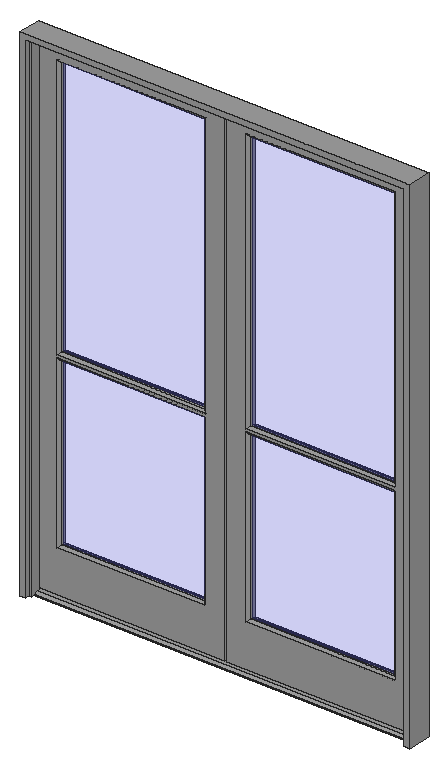
Revit family "MS-375 DOOR-Double-0.25-CW_v04", category Curtain Panels, Revit 2015
Parameters
  Width [instance] = 6' - 2"
  URL = "obe.com"
  Rough Width [instance] = 6' - 0"
  Panel Width [instance] = Min Panel Width  # 6' - 0"
  Panel Offset [instance] = 0' - 0"
  Offset [instance] = 0' - 0"
  Model = "MS-375 DOOR"
  Min Rough Width [instance] = if(Rough Width > 6' 1 255/256", Rough Width, 6' 2")  # 6' - 2"
  Min Panel Width [instance] = if(Rough Width > 6' 1 255/256", Rough Width - 0' 2", 6' 0")  # 6' - 0"
  Manufacturer = "Oldcastle BuildingEnvelope®"
  Keynote = "08 11 00"
  Hinge [instance] = yes
  Height [instance] = 8' - 0"
  Pushbar Height [instance] = 3' - 5 1/4"  # constant formula
  Glass Material = Glass
  Frame Material = Aluminum
  Door Panel Height [instance] = Height - 0' 0 5/8"  # 7' - 11 3/8"
  Description = "MS-375 - 1/4\" Door Infill"
  Assembly Code = "B2030"
  Analytic Construction = "<None>"
  8 Muntin [instance] = no
  6.5 Muntin [instance] = no
  10 Bottom Rail [instance] = not([8 Bottom Rail])  # no
  4 Muntin [instance] = no
  8 Bottom Rail [instance] = yes
  1.875 Muntin [instance] = no
  0.5 Muntin [instance] = if(or([1.875 Muntin], [4 Muntin], [6.5 Muntin], [8 Muntin]), 1 = 2, 1 = 1)  # yes
Reference planes (in)
  plane 1 "Front": y = 0
  plane 2: z = 0
  plane 3 "Center (Left/Right)": x = 0
  plane 4 "Left": x = -37
  plane 5 "Right": x = 37
  plane 6 "Top": z = 96
  plane 7 "Offset": y = 0
  plane 8: y = -1.28244
  plane 9: y = -1.28244
  plane 10: x = -37
  plane 11: x = 37
Forms (in)
  Sweep 1, solid, material "Aluminum" <- "Frame Material"
    path origin (0, 0, 0) x (-1, 0, 0) y (0, 0, 1)
      loop
        line (37, 0) -> (37, 96)
    profile origin (-37, 0, 48) x (1, 0, 0) y (0, 1, 0)
      loop
        line (1, -1.97) -> (1, 0) -> (0, 0) -> (0, -4.5) -> (1, -4.5) -> (1, -3.595) -> (1.5, -3.595) -> (1.5, -1.97) -> (1, -1.97)
  Sweep 2, solid, material "Aluminum" <- "Frame Material"
    path origin (0, 0, 0) x (-1, 0, 0) y (0, 0, 1)
      loop
        line (-37, 0) -> (-37, 96)
    profile origin (37, 0, 48) x (1, 0, 0) y (0, 1, 0)
      loop
        line (-1, -1.97) -> (-1.5, -1.97) -> (-1.5, -3.595) -> (-1, -3.595) -> (-1, -4.5) -> (0, -4.5) -> (0, 0) -> (-1, 0) -> (-1, -1.97)
  Extrusion 3, solid, material "Aluminum" <- "Frame Material"
    sketch origin (-37, 0, 0) x (0, -1, 0) y (0, 0, 1)
      loop
        line (1.97, 94.5) -> (3.595, 94.5) -> (3.595, 95) -> (4.5, 95) -> (4.5, 96) -> (0, 96) -> (0, 95) -> (1.97, 95) -> (1.97, 94.5)
    from -74 to 0
Cuts and joins
  joined: Sweep 1, Sweep 2, Extrusion 3
Text (in)
  text "Exterior" at (-54.29358, 31.38743, 0), in view "Ref. Level"
  text "Exterior" at (480, 41.53993, 89.60405), in view "Right"
  text "Exterior" at (-240, 57.82419, 105.78864), in view "Left"
Dimensions and locks (in)
  equal spacing: plane 4 "Left", plane 3 "Center (Left/Right)", plane 5 "Right"
  "Width": plane 4 "Left" to plane 5 "Right"
  "Height": plane 6 "Top" to plane 2
  "Offset": plane 1 "Front" to plane 7 "Offset"
  locked: plane 7 "Offset" to plane 8 at 1.28244
  locked: plane 7 "Offset" to plane 9 at 1.28244
  Extrusion 3 sketch curve to Extrusion 3 sketch curve to Extrusion 3 sketch curve = 0' - 0 1/2" locked, 0' - 0" locked
  nested 1 to Extrusion 3 sketch curve to Extrusion 3 sketch curve to Extrusion 3 sketch curve to Extrusion 3 sketch curve = 0' - 0" locked, 0' - 1.97" locked, 0' - 1 5/8" locked, 0' - 0.905" locked
  locked: Extrusion 3 sketch curve to Extrusion 3 sketch curve at 1
  equal spacing: plane 10, plane 3 "Center (Left/Right)", plane 11
  "Min Rough Width": plane 10 to plane 11
  aligned and locked: level to plane 2
  aligned and locked: plane 3 "Center (Left/Right)" to nested 1
  aligned and locked: nested 1 to plane 7 "Offset"
  aligned and locked: plane 6 "Top" to Sweep 1 sketch curve
  aligned and locked: level to Sweep 1 sketch curve
  aligned and locked: plane 6 "Top" to Sweep 2 sketch curve
  aligned and locked: level to Sweep 2 sketch curve
  aligned and locked: Extrusion 3 to plane 6 "Top"
  aligned and locked: Extrusion 3 sketch curve to plane 6 "Top"
  aligned and locked: Sweep 1 sketch curve to plane 10
  aligned and locked: plane 11 to Sweep 2 sketch curve
  aligned and locked: cut or joined group of Sweep 1, Sweep 2, Extrusion 3 to plane 11
  aligned and locked: cut or joined group of Sweep 1, Sweep 2, Extrusion 3 to plane 10
Automatic sketch dimensions
  Sweep 1 sketch curve to profile plane = 0' - 0"
  Sweep 1 sketch curve to plane 7 "Offset" = 0' - 0"
  Sweep 1 sketch curve to profile plane = 0' - 1"  (x2)
  Sweep 1 sketch curve to Sweep 1 sketch curve = 0' - 0 1/2"
  Sweep 1 sketch curve to plane 7 "Offset" = 0' - 1.97"
  Sweep 1 sketch curve to Sweep 1 sketch curve = 0' - 1 5/8"
  Sweep 1 sketch curve to Sweep 1 sketch curve = 0' - 0.905"
  Sweep 2 sketch curve to plane 7 "Offset" = 0' - 0"
  Sweep 2 sketch curve to profile plane = 0' - 0"
  profile plane to Sweep 2 sketch curve = 0' - 1"  (x2)
  Sweep 2 sketch curve to Sweep 2 sketch curve = 0' - 0 1/2"
  Sweep 2 sketch curve to plane 7 "Offset" = 0' - 1.97"
  Sweep 2 sketch curve to Sweep 2 sketch curve = 0' - 1 5/8"
  Sweep 2 sketch curve to Sweep 2 sketch curve = 0' - 0.905"
Nested families (in)
  nested 1: "MS-375 DOOR-Double-0.25-Panel_v03" at (0, -16, 0), Frame Material <- "Frame Material", Glass Material <- "Glass Material", 0.5 Muntin <- "0.5 Muntin", 1.875 Muntin <- "1.875 Muntin", 4 Muntin <- "4 Muntin", 6.5 Muntin <- "6.5 Muntin", 8 Muntin <- "8 Muntin", Hinge <- "Hinge", Height <- "Door Panel Height", Width <- "Min Panel Width", 8 Bottom Rail <- "8 Bottom Rail", Offset <- "Panel Offset", type "MS-375 DOOR-Double-0.25-Panel_v03"
    with Wing Width 3' - 0", built-in parameter 1001301 6' - 0", Pushbar Height 3' - 5 1/4", Offset 0' - 0", Hinge yes, built-in parameter 1001300 7' - 11 3/8", Glass at Muntin 0' - 1 1/16", Glass Material Glass, Frame Material Aluminum, Bottom Rail 0' - 8 31/32", 8 Muntin no, 8 Bottom Rail yes, 6.5 Muntin no, 4 Muntin no, 1.875 Muntin no, 0.5 Muntin yes
Definition of nested family "MS-375 DOOR-Double-0.25-Panel_v03"
  Parameters (values of type "MS-375 DOOR-Double-0.25-Panel_v03")
    Wing Width [instance] = Width / 2  # 3' - 0"
    Width [instance] = 6' - 0"
    Offset [instance] = 0' - 10.9713"
    Hinge [instance] = yes
    Height [instance] = 8' - 0"
    Glass at Muntin [instance] = if([8 Muntin], 0' 8 9/16", if([6.5 Muntin], 0' 7 1/16", if([4 Muntin], 0' 4 9/16", if([1.875 Muntin], 0' 2 109/256", 0' 1 1/16"))))  # 0' - 4 9/16"
    Pushbar Height [instance] = 3' - 5 1/4"  # constant formula
    Glass Material [instance] = none
    Frame Material [instance] = none
    Bottom Rail [instance] = if([8 Bottom Rail], 0' 8 31/32", 0' 10 31/32")  # 0' - 8 31/32"
    Analytic Construction = "<None>"
    8 Muntin [instance] = no
    6.5 Muntin [instance] = no
    4 Muntin [instance] = yes
    8 Bottom Rail [instance] = yes
    1.875 Muntin [instance] = no
    0.5 Muntin [instance] = if(or([1.875 Muntin], [4 Muntin], [6.5 Muntin], [8 Muntin]), 1 = 2, 1 = 1)  # no
  Reference planes (in)
    plane 1 "00": y = 4.0912
    plane 2: z = 0
    plane 3 "Center (Left/Right)": x = 0
    plane 4: z = 96
    plane 5: x = 36
    plane 6: x = -36
    plane 7 "Center (Front/Back)": y = 16
    plane 8 "Exterior": y = 4.2162
    plane 9: z = 48
    plane 10: z = 92.18737
    plane 11: z = 43.53125
    plane 12: z = 38.96875
    plane 13: z = 8.96875
    plane 14 "Offset": y = 5.0287
    plane 15: z = 41.25
  Forms (in)
    Sweep 1, solid, material <- "Frame Material"
      path origin (0, 4.0912, 0) x (1, 0, 0) y (0, 0, 1)
        loop
          line (-35.79321, 96) -> (-0.22004, 96)
      profile origin (-18.00662, 4.0912, 96) x (0, 0, 1) y (0, -1, 0)
        loop
          line (-0.53138, -0.875) -> (-0.53138, 0.875) -> (-3.52731, 0.875) -> (-4.03138, 0.45204) -> (-4.03138, 0.125) -> (-3.81263, 0.125) -> (-3.81263, -0.125) -> (-4.03138, -0.125) -> (-4.03138, -0.45204) -> (-3.52731, -0.875) -> (-0.53138, -0.875)
    Sweep 2, solid, material <- "Frame Material"
      path origin (0, 4.0912, 0) x (1, 0, 0) y (0, 0, 1)
        loop
          line (-0.22004, 0) -> (-35.79321, 0)
      profile origin (-18.00662, 4.0912, 0) x (0, 0, -1) y (0, -1, 0)
        loop
          line (-8.68343, -0.875) -> (-0.6875, -0.875) -> (-0.6875, 0.875) -> (-8.68343, 0.875) -> (-9.1875, 0.45204) -> (-9.1875, 0.125) -> (-8.96875, 0.125) -> (-8.96875, -0.125) -> (-9.1875, -0.125) -> (-9.1875, -0.45204) -> (-8.68343, -0.875)
    Sweep 3, solid, material <- "Frame Material"
      path origin (0, 4.0912, 0) x (1, 0, 0) y (0, 0, 1)
        loop
          line (36, 95.46862) -> (36, 0.6875)
      profile origin (36, 4.0912, 48.07806) x (0, -1, 0) y (1, 0, 0)
        loop
          line (0.875, -0.19721) -> (-0.875, -0.08821) -> (-0.875, -3.83301) -> (-0.45204, -4.33708) -> (-0.125, -4.33708) -> (-0.125, -4.11833) -> (0.125, -4.11833) -> (0.125, -4.33708) -> (0.45204, -4.33708) -> (0.875, -3.83301) -> (0.875, -0.19721)
    Sweep 4, solid, material <- "Frame Material"
      path origin (0, 4.0912, 0) x (1, 0, 0) y (0, 0, 1)
        loop
          line (-36, 95.46862) -> (-36, 0.6875)
      profile origin (-36, 4.0912, 48.07806) x (0, -1, 0) y (1, 0, 0)
        loop
          line (-0.875, 0.09779) -> (0.875, 0.20679) -> (0.875, 3.84259) -> (0.45204, 4.34666) -> (0.125, 4.34666) -> (0.125, 4.12791) -> (-0.125, 4.12791) -> (-0.125, 4.34666) -> (-0.45204, 4.34666) -> (-0.875, 3.84259) -> (-0.875, 0.09779)
    Sweep 5, solid, material <- "Frame Material"
      path origin (0, 4.0912, 0) x (1, 0, 0) y (0, 0, 1)
        loop
          line (-3.80843, 48) -> (-35.79321, 48)
      profile origin (-19.80082, 4.0912, 48) x (0, 0, -1) y (0, -1, 0)
        loop
          line (4.25, 0.45204) -> (4.25, 0.125) -> (4.46875, 0.125) -> (4.46875, -0.125) -> (4.25, -0.125) -> (4.25, -0.45204) -> (4.75407, -0.875) -> (8.74593, -0.875) -> (9.25, -0.45204) -> (9.25, -0.125) -> (9.03125, -0.125) -> (9.03125, 0.125) -> (9.25, 0.125) -> (9.25, 0.45204) -> (8.74593, 0.875) -> (4.75407, 0.875) -> (4.25, 0.45204)
    Sweep 6, solid, material <- "Frame Material"
      path origin (0, 4.0912, 0) x (1, 0, 0) y (0, 0, 1)
        loop
          line (0, 95.46862) -> (0, 0.6875)
      profile origin (0, 4.0912, 48.07806) x (0, -1, 0) y (1, 0, 0)
        loop
          line (-0.875, -0.22004) -> (-0.875, -3.80843) -> (-0.45204, -4.3125) -> (-0.125, -4.3125) -> (-0.125, -4.09375) -> (0.125, -4.09375) -> (0.125, -4.3125) -> (0.45204, -4.3125) -> (0.875, -3.80843) -> (0.875, -0.22004)
          arc (0.875, -0.22004) -> (0, -0.0625) -> (-0.875, -0.22004) r 2.50872
        loop
          arc (-0.875, 0.22004) -> (0, 0.0625) -> (0.875, 0.22004) r 2.50872
          line (0.875, 0.22004) -> (0.875, 3.80843) -> (0.45204, 4.3125) -> (0.125, 4.3125) -> (0.125, 4.09375) -> (-0.125, 4.09375) -> (-0.125, 4.3125) -> (-0.45204, 4.3125) -> (-0.875, 3.80843) -> (-0.875, 0.22004)
    Sweep 7, solid, material <- "Frame Material"
      path origin (0, 4.0912, 0) x (1, 0, 0) y (0, 0, 1)
        loop
          line (0.22004, 96) -> (35.80279, 96)
      profile origin (18.01141, 4.0912, 96) x (0, 0, 1) y (0, -1, 0)
        loop
          line (-0.53138, -0.875) -> (-0.53138, 0.875) -> (-3.52731, 0.875) -> (-4.03138, 0.45204) -> (-4.03138, 0.125) -> (-3.81263, 0.125) -> (-3.81263, -0.125) -> (-4.03138, -0.125) -> (-4.03138, -0.45204) -> (-3.52731, -0.875) -> (-0.53138, -0.875)
    Sweep 8, solid, material <- "Frame Material"
      path origin (0, 4.0912, 0) x (1, 0, 0) y (0, 0, 1)
        loop
          line (35.80279, 48) -> (3.80843, 48)
      profile origin (19.80561, 4.0912, 48) x (0, 0, -1) y (0, -1, 0)
        loop
          line (4.25, 0.45204) -> (4.25, 0.125) -> (4.46875, 0.125) -> (4.46875, -0.125) -> (4.25, -0.125) -> (4.25, -0.45204) -> (4.75407, -0.875) -> (8.74593, -0.875) -> (9.25, -0.45204) -> (9.25, -0.125) -> (9.03125, -0.125) -> (9.03125, 0.125) -> (9.25, 0.125) -> (9.25, 0.45204) -> (8.74593, 0.875) -> (4.75407, 0.875) -> (4.25, 0.45204)
    Sweep 9, solid, material <- "Frame Material"
      path origin (0, 4.0912, 0) x (1, 0, 0) y (0, 0, 1)
        loop
          line (35.80279, 0) -> (0.22004, 0)
      profile origin (18.01141, 4.0912, 0) x (0, 0, -1) y (0, -1, 0)
        loop
          line (-8.68343, -0.875) -> (-0.6875, -0.875) -> (-0.6875, 0.875) -> (-8.68343, 0.875) -> (-9.1875, 0.45204) -> (-9.1875, 0.125) -> (-8.96875, 0.125) -> (-8.96875, -0.125) -> (-9.1875, -0.125) -> (-9.1875, -0.45204) -> (-8.68343, -0.875)
    Extrusion 10, solid, material <- "Glass Material"
      sketch origin (0, 0, 0) x (1, 0, 0) y (0, 1, 0)
        loop
          line (-31.87209, 4.2162) -> (-31.87209, 3.9662) -> (-4.09375, 3.9662) -> (-4.09375, 4.2162) -> (-31.87209, 4.2162)
      from 8.96875 to 38.96875
    Extrusion 11, solid, material <- "Glass Material"
      sketch origin (0, 0, 0) x (1, 0, 0) y (0, 1, 0)
        loop
          line (4.09375, 4.2162) -> (4.09375, 3.9662) -> (31.88167, 3.9662) -> (31.88167, 4.2162) -> (4.09375, 4.2162)
      from 8.96875 to 38.96875
    Extrusion 12, solid, material <- "Glass Material"
      sketch origin (0, 0, 0) x (1, 0, 0) y (0, 1, 0)
        loop
          line (-4.09375, 4.2162) -> (-31.87209, 4.2162) -> (-31.87209, 3.9662) -> (-4.09375, 3.9662) -> (-4.09375, 4.2162)
      from 43.53125 to 92.18737
    Extrusion 13, solid, material <- "Glass Material"
      sketch origin (0, 0, 0) x (1, 0, 0) y (0, 1, 0)
        loop
          line (31.88167, 4.2162) -> (4.09375, 4.2162) -> (4.09375, 3.9662) -> (31.88167, 3.9662) -> (31.88167, 4.2162)
      from 43.53125 to 92.18737
    Sweep 14, solid, material <- "Frame Material"
      path origin (0, 5.0287, 0) x (1, 0, 0) y (0, 0, 1)
        loop
          line (-35.79321, 0) -> (35.80279, 0)
      profile origin (0.00479, 5.0287, 0) x (0, 0, 1) y (0, -1, 0)
        loop
          line (0.5, -0.218) -> (0.5, 2.468) -> (0.19364, 3.125) -> (0, 3.125) -> (0, -0.875) -> (0.19364, -0.875) -> (0.5, -0.218)
  Cuts and joins
    joined: Sweep 1, Sweep 2, Sweep 3, Sweep 4, Sweep 5, Sweep 6, Sweep 7, Sweep 8, Sweep 9
  Lines and regions (in)
    model lines
      curve 1: line (4.09375, 4.2162, 92.18737) -> (31.66292, 4.2162, 48)
      curve 2: line (31.66292, 4.2162, 48) -> (4.09375, 4.2162, 8.96875)
      curve 3: line (-4.09375, 4.2162, 92.18737) -> (-31.65334, 4.2162, 48)
      curve 4: line (-31.65334, 4.2162, 48) -> (-4.09375, 4.2162, 8.96875)
  Dimensions and locks (in)
    "Height": plane 4 to level
    "Width": plane 6 to plane 5
    plane 1 "00" to plane 8 "Exterior" to plane 14 "Offset" = 0' - 0 1/8" locked, 0' - 0 13/16" locked
    equal spacing: level, plane 9, plane 4
    locked: Sweep 2 sketch curve to plane 6 at 0.20679
    locked: plane 3 "Center (Left/Right)" to Sweep 2 sketch curve at 0.22004
    locked: Sweep 3 sketch curve to plane 4 at 0.53138
    locked: Sweep 4 sketch curve to plane 4 at 0.53138
    locked: Sweep 1 sketch curve to plane 6 at 0.20679
    locked: plane 3 "Center (Left/Right)" to Sweep 1 sketch curve at 0.22004
    Sweep 2 sketch curve to Sweep 2 sketch curve to plane 13 to Sweep 2 sketch curve to Sweep 2 sketch curve = 0' - 0" locked, 0' - 0 7/32" locked, 0' - 0.28532" locked, 0' - 0" locked
    locked: plane 3 "Center (Left/Right)" to Sweep 5 sketch curve at 3.80843
    locked: Sweep 5 sketch curve to plane 6 at 0.20679
    "Glass at Muntin": plane 11 to plane 12
    plane 11 to Sweep 5 sketch curve to Sweep 5 sketch curve = 0' - 0.28532" locked, 0' - 0" locked
    Sweep 5 sketch curve to Sweep 5 sketch curve to plane 12 to Sweep 5 sketch curve to Sweep 5 sketch curve = 0' - 0" locked, 0' - 0.28532" locked, 0' - 0 7/32" locked, 0' - 0" locked
    locked: Sweep 7 sketch curve to plane 3 "Center (Left/Right)" at 0.22004
    locked: plane 5 to Sweep 7 sketch curve at 0.19721
    Sweep 8 sketch curve to Sweep 8 sketch curve to plane 12 to Sweep 8 sketch curve to Sweep 8 sketch curve = 0' - 0" locked, 0' - 0.28532" locked, 0' - 0 7/32" locked, 0' - 0" locked
    locked: plane 5 to Sweep 8 sketch curve at 0.19721
    Sweep 8 sketch curve to plane 3 "Center (Left/Right)" = 0' - 3.80843"
    Sweep 9 sketch curve to Sweep 9 sketch curve to plane 13 to Sweep 9 sketch curve to Sweep 9 sketch curve = 0' - 0" locked, 0' - 0 7/32" locked, 0' - 0.28532" locked, 0' - 0" locked
    locked: plane 5 to Sweep 9 sketch curve at 0.19721
    locked: Sweep 9 sketch curve to plane 3 "Center (Left/Right)" at 0.22004
    Extrusion 11 sketch curve to plane 1 "00" to Extrusion 11 sketch curve = 0' - 0 1/8" locked, 0' - 0 1/8" locked
    locked: Extrusion 11 sketch curve to plane 5 at 4.11833
    locked: plane 3 "Center (Left/Right)" to Extrusion 11 sketch curve at 4.09375
    Extrusion 10 sketch curve to plane 1 "00" to Extrusion 10 sketch curve = 0' - 0 1/8" locked, 0' - 0 1/8" locked
    locked: plane 6 to Extrusion 10 sketch curve at 4.12791
    locked: Extrusion 10 sketch curve to plane 3 "Center (Left/Right)" at 4.09375
    "Bottom Rail": level to plane 13
    locked: plane 6 to Extrusion 12 sketch curve at 4.12791
    locked: Extrusion 12 sketch curve to plane 3 "Center (Left/Right)" at 4.09375
    Extrusion 12 sketch curve to plane 1 "00" to Extrusion 12 sketch curve = 0' - 0 1/8" locked, 0' - 0 1/8" locked
    locked: plane 4 to plane 10 at 3.81263
    Extrusion 13 sketch curve to plane 1 "00" to Extrusion 13 sketch curve = 0' - 0 1/8" locked, 0' - 0 1/8" locked
    locked: Extrusion 13 sketch curve to plane 5 at 4.11833
    locked: plane 3 "Center (Left/Right)" to Extrusion 13 sketch curve at 4.09375
    locked: Sweep 6 sketch curve to plane 4 at 0.53138
    Sweep 8 sketch curve to Sweep 8 sketch curve to plane 11 = 0' - 0" locked, 0' - 0.28532" locked
    equal spacing: plane 6, plane 3 "Center (Left/Right)", plane 5
    "Offset": plane 14 "Offset" to plane 7 "Center (Front/Back)"
    equal spacing: plane 12, plane 15, plane 11
    "Pushbar Height": plane 2 to plane 15
    locked: plane 5 to Sweep 14 sketch curve at 0.19721
    locked: Sweep 14 sketch curve to plane 6 at 0.20679
    locked: Sweep 4 sketch curve to plane 2 at 0.6875
    locked: Sweep 6 sketch curve to plane 2 at 0.6875
    locked: Sweep 3 sketch curve to plane 2 at 0.6875
    aligned and locked: plane 2 to level
    aligned and locked: Sweep 1 sketch curve to plane 4
    aligned and locked: Sweep 2 sketch curve to level
    aligned and locked: plane 5 to Sweep 3 sketch curve
    aligned and locked: plane 6 to Sweep 4 sketch curve
    aligned and locked: Sweep 5 sketch curve to plane 9
    aligned and locked: plane 3 "Center (Left/Right)" to Sweep 6 sketch curve
    aligned and locked: Sweep 9 sketch curve to level
    aligned and locked: Sweep 8 sketch curve to plane 9
    aligned and locked: plane 4 to Sweep 7 sketch curve
    aligned and locked: Extrusion 12 to cut or joined group of Sweep 1, Sweep 2, Sweep 3, Sweep 4, Sweep 5, Sweep 6, Sweep 7, Sweep 8, Sweep 9
    aligned and locked: Extrusion 13 to cut or joined group of Sweep 1, Sweep 2, Sweep 3, Sweep 4, Sweep 5, Sweep 6, Sweep 7, Sweep 8, Sweep 9
    aligned and locked: Extrusion 12 to plane 10
    aligned and locked: Extrusion 10 to plane 12
    aligned and locked: plane 11 to Extrusion 12
    aligned and locked: plane 13 to Extrusion 10
    aligned and locked: Extrusion 13 to plane 10
    aligned and locked: plane 11 to Extrusion 13
    aligned and locked: Extrusion 11 to plane 12
    aligned and locked: plane 13 to Sweep 9 sketch curve
    aligned and locked: Sweep 5 sketch curve to plane 12
    aligned and locked: cut or joined group of Sweep 1, Sweep 2, Sweep 3, Sweep 4, Sweep 5, Sweep 6, Sweep 7, Sweep 8, Sweep 9 to curve 2
    aligned and locked: plane 13 to curve 2
    aligned and locked: plane 9 to curve 2
    aligned and locked: cut or joined group of Sweep 1, Sweep 2, Sweep 3, Sweep 4, Sweep 5, Sweep 6, Sweep 7, Sweep 8, Sweep 9 to curve 1
    aligned and locked: curve 3 to cut or joined group of Sweep 1, Sweep 2, Sweep 3, Sweep 4, Sweep 5, Sweep 6, Sweep 7, Sweep 8, Sweep 9
    aligned and locked: plane 9 to curve 3
    aligned and locked: cut or joined group of Sweep 1, Sweep 2, Sweep 3, Sweep 4, Sweep 5, Sweep 6, Sweep 7, Sweep 8, Sweep 9 to curve 4
    aligned and locked: plane 13 to curve 4
    aligned and locked: plane 13 to Extrusion 11
    aligned and locked: Sweep 14 sketch curve to plane 2
  Automatic sketch dimensions
    plane 1 "00" to Sweep 6 sketch curve = 0' - 0"  (x2)
    Sweep 6 sketch curve to plane 1 "00" = 0' - 0 1/8"  (x2)
    Sweep 6 sketch curve to Sweep 6 sketch curve = 0' - 0.32704"  (x4)
    Sweep 6 sketch curve to profile plane = 0' - 0.22004"
    Sweep 6 sketch curve to plane 1 "00" = 0' - 0 7/8"
    Sweep 6 sketch curve to Sweep 6 sketch curve = 0' - 0.42296"  (x3)
    plane 1 "00" to Sweep 6 sketch curve = 0' - 0 1/8"  (x2)
    profile plane to Sweep 6 sketch curve = 0' - 0.22004"
    Sweep 6 sketch curve to Sweep 6 sketch curve = 0' - 3.58839"  (x2)
    Sweep 6 sketch curve to Sweep 6 sketch curve = 0' - 0"  (x2)
    Sweep 6 sketch curve to Sweep 6 sketch curve = 0' - 0.28532"  (x2)
    Sweep 6 sketch curve to Sweep 6 sketch curve = 0' - 1.52253"  (x2)
    Sweep 6 sketch curve to Sweep 6 sketch curve = 0' - 1.74128"  (x4)
    plane 1 "00" to Sweep 1 sketch curve = 0' - 0 1/8"
    profile plane to Sweep 1 sketch curve = 0' - 4.03138"
    Sweep 1 sketch curve to plane 1 "00" = 0' - 0.45204"
    Sweep 1 sketch curve to Sweep 1 sketch curve = 0' - 0"
    Sweep 1 sketch curve to Sweep 1 sketch curve = 0' - 0 7/32"
    plane 1 "00" to Sweep 1 sketch curve = 0' - 0 7/8"
    Sweep 1 sketch curve to Sweep 1 sketch curve = 0' - 0.50407"  (x2)
    profile plane to Sweep 1 sketch curve = 0' - 0.53138"
    Sweep 1 sketch curve to plane 1 "00" = 0' - 0 7/8"
    Sweep 1 sketch curve to plane 1 "00" = 0' - 0 1/8"
    Sweep 1 sketch curve to Sweep 1 sketch curve = 0' - 0.32704"
    Sweep 5 sketch curve to Sweep 5 sketch curve = 0' - 0 7/32"  (x2)
    Sweep 5 sketch curve to plane 1 "00" = 0' - 0 7/8"
    Sweep 5 sketch curve to plane 1 "00" = 0' - 0.45204"  (x2)
    Sweep 5 sketch curve to plane 1 "00" = 0' - 0 1/8"  (x2)
    plane 1 "00" to Sweep 5 sketch curve = 0' - 0 1/8"  (x2)
    Sweep 5 sketch curve to Sweep 5 sketch curve = 0' - 0.32704"  (x2)
    Sweep 5 sketch curve to Sweep 5 sketch curve = 0' - 0.42296"
    profile plane to Sweep 2 sketch curve = 0' - 0 11/16"
    Sweep 2 sketch curve to plane 1 "00" = 0' - 0.45204"
    Sweep 2 sketch curve to plane 1 "00" = 0' - 0 1/8"
    plane 1 "00" to Sweep 2 sketch curve = 0' - 0 1/8"
    Sweep 2 sketch curve to Sweep 2 sketch curve = 0' - 0.32704"
    Sweep 2 sketch curve to Sweep 2 sketch curve = 0' - 0.42296"  (x2)
    Sweep 2 sketch curve to Sweep 2 sketch curve = 0' - 0 7/32"
    plane 1 "00" to Sweep 7 sketch curve = 0' - 0 1/8"
    profile plane to Sweep 7 sketch curve = 0' - 4.03138"
    Sweep 7 sketch curve to plane 1 "00" = 0' - 0.45204"
    Sweep 7 sketch curve to Sweep 7 sketch curve = 0' - 0"
    Sweep 7 sketch curve to Sweep 7 sketch curve = 0' - 0 7/32"
    plane 1 "00" to Sweep 7 sketch curve = 0' - 0 7/8"
    Sweep 7 sketch curve to Sweep 7 sketch curve = 0' - 0.50407"  (x2)
    profile plane to Sweep 7 sketch curve = 0' - 0.53138"
    Sweep 7 sketch curve to plane 1 "00" = 0' - 0 7/8"
    Sweep 7 sketch curve to plane 1 "00" = 0' - 0 1/8"
    Sweep 7 sketch curve to Sweep 7 sketch curve = 0' - 0.32704"
    profile plane to Sweep 9 sketch curve = 0' - 0 11/16"
    Sweep 9 sketch curve to plane 1 "00" = 0' - 0.45204"
    Sweep 9 sketch curve to plane 1 "00" = 0' - 0 1/8"
    plane 1 "00" to Sweep 9 sketch curve = 0' - 0 1/8"
    Sweep 9 sketch curve to Sweep 9 sketch curve = 0' - 0.32704"
    Sweep 9 sketch curve to Sweep 9 sketch curve = 0' - 0.42296"  (x2)
    Sweep 8 sketch curve to Sweep 8 sketch curve = 0' - 0 7/32"  (x3)
    Sweep 8 sketch curve to plane 1 "00" = 0' - 0 7/8"
    Sweep 8 sketch curve to plane 1 "00" = 0' - 0.45204"  (x2)
    Sweep 8 sketch curve to plane 1 "00" = 0' - 0 1/8"  (x2)
    plane 1 "00" to Sweep 8 sketch curve = 0' - 0 1/8"  (x2)
    Sweep 8 sketch curve to Sweep 8 sketch curve = 0' - 0.32704"  (x2)
    Sweep 8 sketch curve to Sweep 8 sketch curve = 0' - 0.42296"
    Sweep 3 sketch curve to plane 1 "00" = 0' - 0 7/8"
    Sweep 3 sketch curve to plane 1 "00" = 0' - 0.45204"
    Sweep 3 sketch curve to plane 1 "00" = 0' - 0 1/8"
    plane 1 "00" to Sweep 3 sketch curve = 0' - 0 1/8"
    Sweep 3 sketch curve to Sweep 3 sketch curve = 0' - 0.32704"
    Sweep 3 sketch curve to Sweep 3 sketch curve = 0' - 0.42296"
    profile plane to Sweep 3 sketch curve = 0' - 4.33708"
    Sweep 3 sketch curve to Sweep 3 sketch curve = 0' - 0"
    Sweep 3 sketch curve to Sweep 3 sketch curve = 0' - 0 7/32"
    Sweep 3 sketch curve to Sweep 3 sketch curve = 0' - 0.50407"  (x2)
    profile plane to Sweep 3 sketch curve = 0' - 0.08821"
    profile plane to Sweep 3 sketch curve = 0' - 0.19721"
    Sweep 4 sketch curve to plane 1 "00" = 0' - 0 7/8"
    Sweep 4 sketch curve to plane 1 "00" = 0' - 0.45204"
    Sweep 4 sketch curve to plane 1 "00" = 0' - 0 1/8"
    plane 1 "00" to Sweep 4 sketch curve = 0' - 0 1/8"
    Sweep 4 sketch curve to Sweep 4 sketch curve = 0' - 0.32704"
    Sweep 4 sketch curve to Sweep 4 sketch curve = 0' - 0.42296"
    Sweep 4 sketch curve to profile plane = 0' - 3.84259"
    Sweep 4 sketch curve to Sweep 4 sketch curve = 0' - 0"
    Sweep 4 sketch curve to Sweep 4 sketch curve = 0' - 0.28532"
    Sweep 4 sketch curve to Sweep 4 sketch curve = 0' - 0 7/32"  (x2)
    Sweep 4 sketch curve to profile plane = 0' - 0.20679"
    Sweep 4 sketch curve to profile plane = 0' - 0.09779"
    Sweep 8 sketch curve to Sweep 8 sketch curve = 0' - 0.28532"
    Sweep 5 sketch curve to Sweep 5 sketch curve = 0' - 0.28532"
    curve 3 to plane 10 = 0' - 0"
    curve 1 to plane 10 = 0' - 0"
    plane 6 to curve 3 = 0' - 4.34666"
    curve 2 to plane 5 = 0' - 4.33708"
    Sweep 14 sketch curve to profile plane = 0' - 0 1/2"
    plane 14 "Offset" to Sweep 14 sketch curve = 0' - 2.468"
    Sweep 14 sketch curve to profile plane = 0' - 0.19364"  (x2)
    Sweep 14 sketch curve to plane 14 "Offset" = 0' - 0.218"
    Sweep 14 sketch curve to Sweep 14 sketch curve = 0' - 0.657"  (x2)
    Sweep 14 sketch curve to profile plane = 0' - 0"
